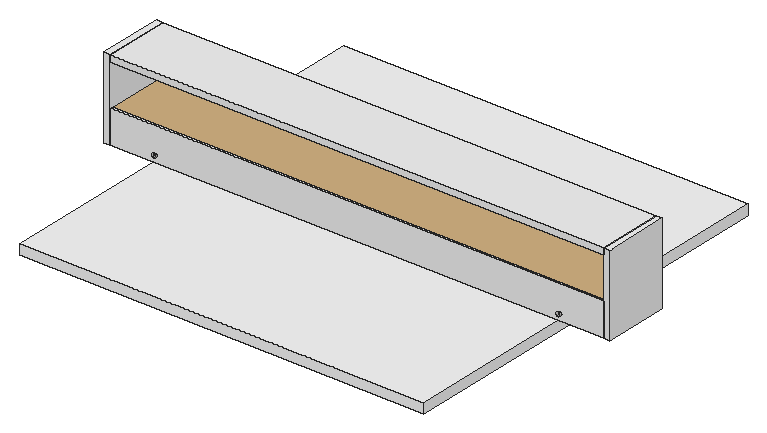
Revit family "BE_50819.4_de_DE", category Leuchten, Revit 2020
Family settings
  Basisbauteil = Fläche
  Bemaßung runder Anschluss = Durchmesser verwenden
  Teiletyp = Normal
  Beim Laden mit Abzugskörper schneiden = Ja
  Lichtquelle = Ja
  Gemeinsam genutzt = Nein
  Raumberechnungspunkt = Ja
Parameters (values of type "BEGA_50819.4_K3")
  built-in parameter 1150104 = 11.65 (stored number, unit not read)
  Wattage = 25.2 W
  Default Elevation = 0 mm
  built-in parameter 1150113 = 1 (stored number, unit not read)
  built-in parameter 1114218 = 1 (stored number, unit not read)
  Umgebungstemperatur = "25 °C"
  URL = "https://www.bega.com/de/produkt/50819.4"
  Typenkommentare = "© 2023 BEGA. Wir behalten uns das Recht vor, technische Änderungen ohne vorherige Ankündigung vorzunehmen."  # constant formula
  built-in parameter 1150134 = (empty or 0)
  built-in parameter 1150109 = 1 (stored number, unit not read)
  built-in parameter 1150110 = 1 (stored number, unit not read)
  Spannung = 239.996 V
  Sonderanfertigung = no
  Seriennummer [instance] = "Hier können Sie die eindeutige Seriennummer für das Facility Management eintragen."
  Schutzklasse = "I"
  Schutzart = "IP 20"
  Scheinlast = 0 VA
  Produktdatenblatt = "https://cdn.bega.com/bega/products/50819.4K3/current/documents/data-sheets/de"
  Neigungswinkel = 0.00°
  Modell = "50819.4K3"
  Material_34 = BEGA_Oberfläche_Samtweiss_matt
  Material_31 = BEGA_Oberfläche_Messing_matt
  Material_15 = BEGA_Leuchtmedium_matt
  Material_13 = BEGA_Kunststoff_matt
  Material_06 = BEGA_Oberfläche_Edelstahl_gebürstet
  Material_05 = BEGA_Oberfläche_Aluminium_Guss
  Material_04 = BEGA_Kunststoff_Grafit_matt
  M_W = no
  M_G = no
  M_A = no
  Logo = 0
  built-in parameter 1114217 = 1 (stored number, unit not read)
  built-in parameter 1150139 = (empty or 0)
  built-in parameter 1150105 = 251.47 (stored number, unit not read)
  built-in parameter 1150114 = 1 (stored number, unit not read)
  Lumens = 3160.08 lm
  built-in parameter 1150115 = 1 (stored number, unit not read)
  Leuchtenlichtstrom = "1237 lm"
  Lebensdauerkriterien = "L70B50 @ 25 °C = 200000 h"
  Lastklassifizierung = Beleuchtung
  built-in parameter 1150112 = 1 (stored number, unit not read)
  Lampenlichtstrom = "3160 lm"
  Lampe = "LED 25.2 W"
  LED_Modulbezeichnung = "2x LED-0696/930"
  Hersteller = "BEGA"  # constant formula
  Gewicht = "1.45 kg"
  Frequenz = "0/50-60 Hz"
  Farbwiedergabeindex = "CRI > 90"
  Farbtemperaturverschiebung bei Dämpfen der Lampe = <Keine Auswahl>
  Farbtemperatur = "3000 K"
  Color Filter = 16777215
  built-in parameter 1150133 = 10 (stored number, unit not read)
  Energieeffizienzklasse = "LED A++ - A"
  built-in parameter 1150137 = (empty or 0)
  built-in parameter 1150132 = (empty or 0)
  ENEC = "ja"
  Dimmbar [instance] = "on/off"
  Datei für fotometrisches Netz = "BE_50819-4K3.ies"
  CE_Konformität = "ja"
  Bestellnummer = "50819.4K3"
  Beschreibung_Sonderanfertigung = "Hier können Sie Informationen zur Sonderanfertigung eintragen."
  Beschreibung = "Wandleuchte"
  built-in parameter 1150106 = 2.5147 (stored number, unit not read)
  Befestigungsbohrung = "Ø 4,5 mm"
  Befestigungsabstand = "410 mm"
  BEGA_Intern_aus = yes
  BEGA_Intern_an = yes
  BEGA_Intern_Konstruktion = yes
  BEGA_Intern = yes
  BEGA_IES = yes
  BEGA_Dummy = no
  Anschlussleistung [instance] = "29 W"
  built-in parameter 1150107 = 3000 (stored number, unit not read)
  built-in parameter 1150102 = (empty or 0)
  built-in parameter 1150138 = (empty or 0)
  Aktualisierung = "2023-06-06T04:00:04"
  AC/DC = "AC/DC"
Reference planes
  plane 1 "Mitte (Vorne/Hinten)": y = 0
  plane 2: z = 0
  plane 3 "Mitte (Links/Rechts)": x = 0
  plane 4 "Links": x = -249
  plane 5 "Rechts": x = 251
  plane 6 "Unten": y = -35.672
  plane 7 "Oben": y = 30.329
  plane 8 "Vorne": z = 80
  plane 9 "Hinten": z = 0
Forms (mm)
  Extrusion 1, solid, material "BEGA_Platte_Weiss"
    sketch origin (0, -1119.2, 0) x (1, 0, 0) y (0, 1, 0)
      loop
        line (-200, 1319.2) -> (-200, 919.2) -> (200, 919.2) -> (200, 1319.2) -> (-200, 1319.2)
    from 0 to -10
  Extrusion 2, solid, material "BEGA_Dummy_matt", visible <- "BEGA_Dummy"
    sketch origin (80.095, -76.023, 0) x (1, 0, 0) y (0, 1, 0)
      loop
        line (-329.095, 106.352) -> (-329.095, 40.351) -> (170.905, 40.351) -> (170.905, 106.352) -> (-329.095, 106.352)
    from 0 to 80
Dimensions and locks
  plane 1 "Mitte (Vorne/Hinten)" to Extrusion 1 = 200 mm
  aligned and locked: plane 2 to Extrusion 1
  aligned and locked: level to Extrusion 1
Nested families
  nested 1: "BE_50819.4_Leuchte" at (0, 0, 0), type "BE_50819.4_Leuchte"
Connectors
  electrical at (0, 0, 0), driven by "Lastklassifizierung", driven by "Spannung", driven by "Scheinlast"
    settings: index 1, voltage 239.996 V, apparent load 0 VA, apparent load phase1 0 VA, apparent load phase2 0 VA, apparent load phase3 0 VA, power factor 1, load classification "Beleuchtung", number of poles 1, system type 31, power factor state 1, is connector primary yes, connector utility no, sub classification motor no, connector description ""
Definition of nested family "BE_50819.4_Leuchte"
  Parameters (values of type "BE_50819.4_Leuchte")
    Default Elevation = 1 mm
    URL = "http://www.bega.de/de/produkt"
    Type Comments = "© 2015 BEGA. Wir behalten uns das Recht vor, technische Änderungen ohne vorherige Ankündigung vorzunehmen. "  # constant formula
    Type Image = (empty or 0)
    Material_34 = none
    Material_31 = none
    Material_15 = none
    Material_13 = none
    Material_06 = none
    Material_05 = none
    Material_04 = none
    Länge_Platte = 550 mm  # constant formula
    Höhe_Platte = -10 mm  # constant formula
    Manufacturer = "BEGA"  # constant formula
    Breite_Platte = 200 mm  # constant formula
  Reference planes
    plane 1 "Mitte (Oben/Unten)": y = 0
    plane 2: z = 0
    plane 3 "Mitte (Links/Rechts)": x = 0
    plane 4: z = 80
    plane 5: y = -35.672
    plane 6: y = 30.328
    plane 7: x = 251
    plane 8: x = -249
  Forms (mm)
    Extrusion 1, solid, detail levels medium
      sketch origin (0, 0, 0) x (1, 0, 0) y (0, 1, 0)
        loop
          line (-275, 100) -> (-275, -100) -> (275, -100) -> (275, 100) -> (-275, 100)
      from 0 to -10 <- "Höhe_Platte"
    Extrusion 2, solid, material <- "Material_05"
      sketch origin (0, 0, 0) x (0, 1, 0) y (0, 0, 1)
        loop
          line (25, 10.5) -> (20, 5.5) -> (-20, 5.5) -> (-25, 10.5) -> (-26.414, 9.086) -> (-21.707, 4.379)
          arc (-21.707, 4.379) -> (-20.734, 3.728) -> (-19.586, 3.5) r 3
          line (-19.586, 3.5) -> (19.586, 3.5)
          arc (19.586, 3.5) -> (20.729, 3.726) -> (21.7, 4.371) r 3
          line (21.7, 4.371) -> (26.414, 9.086) -> (25, 10.5)
      from -235 to 235
    Revolve 3, solid, material <- "Material_05"
      sketch origin (-205, 0, 0) x (0, 1, 0) y (0, 0, 1)
        loop
          line (12, 3.5) -> (12, 0) -> (14, 0)
          arc (14, 0) -> (15.048, 0.296) -> (15.785, 1.097) r 2
          line (15.785, 1.097) -> (17, 3.5) -> (12, 3.5)
        axis (12, 0) -> (12, 3.5)
      angle from 0 to 360
    Revolve 4, solid, material <- "Material_05"
      sketch origin (205, 0, 0) x (0, 1, 0) y (0, 0, 1)
        loop
          line (12, 3.5) -> (12, 0) -> (14, 0)
          arc (14, 0) -> (15.048, 0.296) -> (15.785, 1.097) r 2
          line (15.785, 1.097) -> (17, 3.5) -> (12, 3.5)
        axis (12, 0) -> (12, 3.5)
      angle from 0 to 360
    Revolve 5, solid, material <- "Material_05"
      sketch origin (-205, -24, 0) x (0, 1, 0) y (0, 0, 1)
        loop
          line (12, 3.5) -> (12, 0) -> (14, 0)
          arc (14, 0) -> (15.048, 0.296) -> (15.785, 1.097) r 2
          line (15.785, 1.097) -> (17, 3.5) -> (12, 3.5)
        axis (12, 0) -> (12, 3.5)
      angle from 0 to 360
    Revolve 6, solid, material <- "Material_05"
      sketch origin (205, -24, 0) x (0, 1, 0) y (0, 0, 1)
        loop
          line (12, 3.5) -> (12, 0) -> (14, 0)
          arc (14, 0) -> (15.048, 0.296) -> (15.785, 1.097) r 2
          line (15.785, 1.097) -> (17, 3.5) -> (12, 3.5)
        axis (12, 0) -> (12, 3.5)
      angle from 0 to 360
    Extrusion 7, void
      sketch origin (0, 0, 0) x (1, 0, 0) y (0, 1, 0)
        loop
          arc (100, 15) -> (85, 0) -> (100, -15) r 15
          line (100, -15) -> (140, -15)
          arc (140, -15) -> (155, 0) -> (140, 15) r 15
          line (140, 15) -> (100, 15)
        loop
          arc (-202.75, 2.75) -> (-205, 5) -> (-207.25, 2.75) r 2.25
          line (-207.25, 2.75) -> (-207.25, -2.75)
          arc (-207.25, -2.75) -> (-205, -5) -> (-202.75, -2.75) r 2.25
          line (-202.75, -2.75) -> (-202.75, 2.75)
        loop
          line (207.75, 2.25) -> (202.25, 2.25)
          arc (202.25, 2.25) -> (200, 0) -> (202.25, -2.25) r 2.25
          line (202.25, -2.25) -> (207.75, -2.25)
          arc (207.75, -2.25) -> (210, 0) -> (207.75, 2.25) r 2.25
      from 3.5 to 5.5
    Extrusion 8, solid, material <- "Material_34"
      sketch origin (0, 0, 0) x (0, 1, 0) y (0, 0, 1)
        loop
          line (30.328, 33) -> (28.328, 33) -> (28.328, 31) -> (-32.672, 31) -> (-32.672, 33) -> (-34.672, 33) -> (-34.572, 0) -> (-31.672, 0) -> (-31.672, 2)
          arc (-31.672, 2) -> (-31.525, 2.354) -> (-31.172, 2.5) r 0.5
          arc (-31.172, 2.5) -> (-30.818, 2.646) -> (-30.672, 3) r 0.5
          line (-30.672, 3) -> (-30.672, 10)
          arc (-30.672, 10) -> (-30.818, 10.354) -> (-31.172, 10.5) r 0.5
          arc (-31.172, 10.5) -> (-31.525, 10.646) -> (-31.672, 11) r 0.5
          line (-31.672, 11) -> (-31.672, 29) -> (27.328, 29) -> (27.328, 10) -> (24.328, 7) -> (24.328, 5.5)
          arc (24.328, 5.5) -> (24.475, 5.146) -> (24.828, 5) r 0.5
          line (24.828, 5) -> (26.828, 5)
          arc (26.828, 5) -> (27.182, 4.854) -> (27.328, 4.5) r 0.5
          line (27.328, 4.5) -> (27.328, 0) -> (30.328, 0) -> (30.328, 33)
        loop
          line (30.328, 74) -> (30.328, 80) -> (-34.672, 80) -> (-34.672, 74) -> (-33.172, 74) -> (-33.172, 76) -> (28.828, 76) -> (28.828, 74) -> (30.328, 74)
      from -243 to 245
    Extrusion 9, solid, material <- "Material_04"
      sketch origin (0, 0, 0) x (0, 1, 0) y (0, 0, 1)
        loop
          line (1.328, 76) -> (-17.672, 76) -> (-17.672, 74.2) -> (1.328, 74.2) -> (1.328, 76)
      from -224 to 226.3
    Extrusion 10, solid, material <- "Material_13"
      sketch origin (0, 0, 0) x (0, 1, 0) y (0, 0, 1)
        loop
          line (-27.778, 76) -> (-29.308, 76)
          arc (-29.308, 76) -> (-2.172, 65.676) -> (24.964, 76) r 40.824
          line (24.964, 76) -> (23.435, 76)
          arc (23.435, 76) -> (-2.172, 66.676) -> (-27.778, 76) r 39.824
      from -243 to 245
    Extrusion 11, solid, material <- "Material_34"
      sketch origin (0, 0, 0) x (0, 1, 0) y (0, 0, 1)
        loop
          line (30.328, 80) -> (-34.672, 80) -> (-34.672, 0) -> (30.328, 0) -> (30.328, 80)
      from 245 to 251
    Extrusion 12, solid, material <- "Material_34"
      sketch origin (0, 0, 0) x (0, 1, 0) y (0, 0, -1)
        loop
          line (30.328, -80) -> (30.328, 0) -> (-34.672, 0) -> (-34.672, -80) -> (30.328, -80)
      from 243 to 249
    Extrusion 13, solid, material <- "Material_15"
      sketch origin (0, 0, 0) x (1, 0, 0) y (0, 1, 0)
        loop
          line (-221, -0.672) -> (-221, -3.672) -> (-218, -3.672) -> (-218, -0.672) -> (-221, -0.672)
        loop
          line (-211.609, -3.672) -> (-208.609, -3.672) -> (-208.609, -0.672) -> (-211.609, -0.672) -> (-211.609, -3.672)
        loop
          line (-202.217, -3.672) -> (-199.217, -3.672) -> (-199.217, -0.672) -> (-202.217, -0.672) -> (-202.217, -3.672)
        loop
          line (-192.826, -3.672) -> (-189.826, -3.672) -> (-189.826, -0.672) -> (-192.826, -0.672) -> (-192.826, -3.672)
        loop
          line (-183.435, -0.672) -> (-183.435, -3.672) -> (-180.435, -3.672) -> (-180.435, -0.672) -> (-183.435, -0.672)
        loop
          line (-174.043, -3.672) -> (-171.043, -3.672) -> (-171.043, -0.672) -> (-174.043, -0.672) -> (-174.043, -3.672)
        loop
          line (-164.652, -3.672) -> (-161.652, -3.672) -> (-161.652, -0.672) -> (-164.652, -0.672) -> (-164.652, -3.672)
        loop
          line (-155.261, -3.672) -> (-152.261, -3.672) -> (-152.261, -0.672) -> (-155.261, -0.672) -> (-155.261, -3.672)
        loop
          line (-145.87, -3.672) -> (-142.87, -3.672) -> (-142.87, -0.672) -> (-145.87, -0.672) -> (-145.87, -3.672)
        loop
          line (-136.478, -3.672) -> (-133.478, -3.672) -> (-133.478, -0.672) -> (-136.478, -0.672) -> (-136.478, -3.672)
        loop
          line (-127.087, -3.672) -> (-124.087, -3.672) -> (-124.087, -0.672) -> (-127.087, -0.672) -> (-127.087, -3.672)
        loop
          line (-117.696, -3.672) -> (-114.696, -3.672) -> (-114.696, -0.672) -> (-117.696, -0.672) -> (-117.696, -3.672)
        loop
          line (-108.304, -3.672) -> (-105.304, -3.672) -> (-105.304, -0.672) -> (-108.304, -0.672) -> (-108.304, -3.672)
        loop
          line (-98.913, -3.672) -> (-95.913, -3.672) -> (-95.913, -0.672) -> (-98.913, -0.672) -> (-98.913, -3.672)
        loop
          line (-89.522, -3.672) -> (-86.522, -3.672) -> (-86.522, -0.672) -> (-89.522, -0.672) -> (-89.522, -3.672)
        loop
          line (-80.13, -3.672) -> (-77.13, -3.672) -> (-77.13, -0.672) -> (-80.13, -0.672) -> (-80.13, -3.672)
        loop
          line (-70.739, -3.672) -> (-67.739, -3.672) -> (-67.739, -0.672) -> (-70.739, -0.672) -> (-70.739, -3.672)
        loop
          line (-61.348, -3.672) -> (-58.348, -3.672) -> (-58.348, -0.672) -> (-61.348, -0.672) -> (-61.348, -3.672)
        loop
          line (-51.957, -3.672) -> (-48.957, -3.672) -> (-48.957, -0.672) -> (-51.957, -0.672) -> (-51.957, -3.672)
        loop
          line (-42.565, -3.672) -> (-39.565, -3.672) -> (-39.565, -0.672) -> (-42.565, -0.672) -> (-42.565, -3.672)
        loop
          line (-33.174, -3.672) -> (-30.174, -3.672) -> (-30.174, -0.672) -> (-33.174, -0.672) -> (-33.174, -3.672)
        loop
          line (-23.783, -3.672) -> (-20.783, -3.672) -> (-20.783, -0.672) -> (-23.783, -0.672) -> (-23.783, -3.672)
        loop
          line (-14.391, -3.672) -> (-11.391, -3.672) -> (-11.391, -0.672) -> (-14.391, -0.672) -> (-14.391, -3.672)
        loop
          line (-5, -3.672) -> (-2, -3.672) -> (-2, -0.672) -> (-5, -0.672) -> (-5, -3.672)
        loop
          line (4.3, -3.672) -> (7.3, -3.672) -> (7.3, -0.672) -> (4.3, -0.672) -> (4.3, -3.672)
        loop
          line (13.691, -3.672) -> (16.691, -3.672) -> (16.691, -0.672) -> (13.691, -0.672) -> (13.691, -3.672)
        loop
          line (23.083, -3.672) -> (26.083, -3.672) -> (26.083, -0.672) -> (23.083, -0.672) -> (23.083, -3.672)
        loop
          line (32.474, -3.672) -> (35.474, -3.672) -> (35.474, -0.672) -> (32.474, -0.672) -> (32.474, -3.672)
        loop
          line (41.865, -3.672) -> (44.865, -3.672) -> (44.865, -0.672) -> (41.865, -0.672) -> (41.865, -3.672)
        loop
          line (51.257, -3.672) -> (54.257, -3.672) -> (54.257, -0.672) -> (51.257, -0.672) -> (51.257, -3.672)
        loop
          line (60.648, -3.672) -> (63.648, -3.672) -> (63.648, -0.672) -> (60.648, -0.672) -> (60.648, -3.672)
        loop
          line (70.039, -3.672) -> (73.039, -3.672) -> (73.039, -0.672) -> (70.039, -0.672) -> (70.039, -3.672)
        loop
          line (79.43, -3.672) -> (82.43, -3.672) -> (82.43, -0.672) -> (79.43, -0.672) -> (79.43, -3.672)
        loop
          line (88.822, -3.672) -> (91.822, -3.672) -> (91.822, -0.672) -> (88.822, -0.672) -> (88.822, -3.672)
        loop
          line (98.213, -3.672) -> (101.213, -3.672) -> (101.213, -0.672) -> (98.213, -0.672) -> (98.213, -3.672)
        loop
          line (107.604, -3.672) -> (110.604, -3.672) -> (110.604, -0.672) -> (107.604, -0.672) -> (107.604, -3.672)
        loop
          line (116.996, -3.672) -> (119.996, -3.672) -> (119.996, -0.672) -> (116.996, -0.672) -> (116.996, -3.672)
        loop
          line (126.387, -3.672) -> (129.387, -3.672) -> (129.387, -0.672) -> (126.387, -0.672) -> (126.387, -3.672)
        loop
          line (135.778, -3.672) -> (138.778, -3.672) -> (138.778, -0.672) -> (135.778, -0.672) -> (135.778, -3.672)
        loop
          line (145.17, -3.672) -> (148.17, -3.672) -> (148.17, -0.672) -> (145.17, -0.672) -> (145.17, -3.672)
        loop
          line (154.561, -3.672) -> (157.561, -3.672) -> (157.561, -0.672) -> (154.561, -0.672) -> (154.561, -3.672)
        loop
          line (163.952, -3.672) -> (166.952, -3.672) -> (166.952, -0.672) -> (163.952, -0.672) -> (163.952, -3.672)
        loop
          line (173.343, -3.672) -> (176.343, -3.672) -> (176.343, -0.672) -> (173.343, -0.672) -> (173.343, -3.672)
        loop
          line (182.735, -3.672) -> (185.735, -3.672) -> (185.735, -0.672) -> (182.735, -0.672) -> (182.735, -3.672)
        loop
          line (192.126, -3.672) -> (195.126, -3.672) -> (195.126, -0.672) -> (192.126, -0.672) -> (192.126, -3.672)
        loop
          line (201.517, -3.672) -> (204.517, -3.672) -> (204.517, -0.672) -> (201.517, -0.672) -> (201.517, -3.672)
        loop
          line (210.909, -3.672) -> (213.909, -3.672) -> (213.909, -0.672) -> (210.909, -0.672) -> (210.909, -3.672)
        loop
          line (220.3, -3.672) -> (223.3, -3.672) -> (223.3, -0.672) -> (220.3, -0.672) -> (220.3, -3.672)
      from 73.68 to 74.558
    Revolve 14, solid, material <- "Material_06"
      sketch origin (-199, 0, 0) x (0, 1, 0) y (0, 0, 1)
        loop
          line (-24.728, 6.5) -> (-25.957, 8.629) -> (-26.672, 9.236) -> (-26.672, 8.35) -> (-27.546, 8.35) -> (-28.672, 9) -> (-32.288, 9) -> (-33.002, 8.5) -> (-35.672, 8.5) -> (-35.672, 6.5) -> (-24.728, 6.5)
        axis (-24.728, 6.5) -> (-35.672, 6.5)
      angle from 0 to 360
    Revolve 15, solid, material <- "Material_06"
      sketch origin (201, 0, 0) x (0, 1, 0) y (0, 0, 1)
        loop
          line (-24.728, 6.5) -> (-25.957, 8.629) -> (-26.672, 9.236) -> (-26.672, 8.35) -> (-27.546, 8.35) -> (-28.672, 9) -> (-32.288, 9) -> (-33.002, 8.5) -> (-35.672, 8.5) -> (-35.672, 6.5) -> (-24.728, 6.5)
        axis (-24.728, 6.5) -> (-35.672, 6.5)
      angle from 0 to 360
    Extrusion 16, solid, material <- "Material_31"
      sketch origin (0, 0, 0) x (0, 1, 0) y (0, 0, 1)
        loop
          line (27.973, 31) -> (27.973, 32.46) -> (-32.191, 32.46) -> (-32.191, 31) -> (27.973, 31)
      from -243 to 245
  Cuts and joins
    Extrusion 7 cuts Extrusion 2
    Extrusion 7 cuts Revolve 3
    Extrusion 7 cuts Revolve 4
    Extrusion 7 cuts Revolve 5
    Extrusion 7 cuts Revolve 6
    joined: Extrusion 2, Revolve 3, Revolve 4, Revolve 5, Revolve 6
    joined: Extrusion 11, Extrusion 12
    joined: Revolve 14, Revolve 15
  Dimensions and locks
    equal spacing: Extrusion 1 sketch curve, plane 3 "Mitte (Links/Rechts)", Extrusion 1 sketch curve
    equal spacing: Extrusion 1 sketch curve, plane 1 "Mitte (Oben/Unten)", Extrusion 1 sketch curve
    "Länge_Platte": Extrusion 1 sketch curve to Extrusion 1 sketch curve
    "Breite_Platte": Extrusion 1 sketch curve to Extrusion 1 sketch curve
    plane 1 "Mitte (Oben/Unten)" to Extrusion 1 = 100 mm  (x3)
    aligned and locked: Extrusion 1 to plane 2
    aligned and locked: Extrusion 1 to level
  Automatic sketch dimensions
    level to Extrusion 2 sketch curve = 9.086 mm  (x2)
    plane 1 "Mitte (Oben/Unten)" to Extrusion 2 sketch curve = 26.414 mm
    level to Extrusion 2 sketch curve = 10.5 mm  (x2)
    Extrusion 2 sketch curve to Extrusion 2 sketch curve = 1.414 mm  (x2)
    level to Extrusion 2 sketch curve = 5.5 mm
    Extrusion 2 sketch curve to Extrusion 2 sketch curve = 5 mm
    Extrusion 2 sketch curve to Extrusion 2 sketch curve = 0.414 mm  (x2)
    level to Extrusion 2 sketch curve = 3.5 mm
    Extrusion 2 sketch curve to plane 1 "Mitte (Oben/Unten)" = 19.586 mm
    level to Extrusion 2 sketch curve = 4.371 mm
    Extrusion 2 sketch curve to Extrusion 2 sketch curve = 1.699 mm
    Extrusion 2 sketch curve to Extrusion 2 sketch curve = 5.414 mm
    Extrusion 2 sketch curve to Extrusion 2 sketch curve = 1 mm
    level to Extrusion 2 sketch curve = 4.379 mm
    Extrusion 2 sketch curve to Extrusion 2 sketch curve = 1.707 mm
    Extrusion 2 sketch curve to Extrusion 2 sketch curve = 0 mm
    Revolve 3 sketch curve to level = 0 mm
    level to Revolve 3 sketch curve = 3.5 mm
    Revolve 3 sketch curve to plane 1 "Mitte (Oben/Unten)" = 12 mm
    Revolve 3 sketch curve to Revolve 3 sketch curve = 2 mm  (x4)
    Revolve 3 sketch curve to Revolve 3 sketch curve = 3 mm
    Revolve 3 sketch curve to Revolve 3 sketch curve = 0 mm  (x2)
    level to Revolve 3 sketch curve = 1.097 mm  (x2)
    Revolve 4 sketch curve to level = 0 mm
    level to Revolve 4 sketch curve = 3.5 mm
    Revolve 4 sketch curve to plane 1 "Mitte (Oben/Unten)" = 12 mm
    Revolve 4 sketch curve to Revolve 4 sketch curve = 2 mm  (x4)
    Revolve 4 sketch curve to Revolve 4 sketch curve = 3 mm
    Revolve 4 sketch curve to Revolve 4 sketch curve = 0 mm  (x2)
    level to Revolve 4 sketch curve = 1.097 mm  (x2)
    Revolve 5 sketch curve to level = 0 mm
    level to Revolve 5 sketch curve = 3.5 mm
    plane 1 "Mitte (Oben/Unten)" to Revolve 5 sketch curve = 12 mm
    Revolve 5 sketch curve to Revolve 5 sketch curve = 2 mm  (x3)
    Revolve 5 sketch curve to Revolve 5 sketch curve = 3 mm
    Revolve 5 sketch curve to Revolve 5 sketch curve = 0 mm  (x2)
    level to Revolve 5 sketch curve = 1.097 mm  (x2)
    Revolve 5 sketch curve to level = 2 mm
    Revolve 6 sketch curve to level = 0 mm
    level to Revolve 6 sketch curve = 3.5 mm
    plane 1 "Mitte (Oben/Unten)" to Revolve 6 sketch curve = 12 mm
    Revolve 6 sketch curve to Revolve 6 sketch curve = 2 mm  (x3)
    Revolve 6 sketch curve to Revolve 6 sketch curve = 3 mm
    Revolve 6 sketch curve to Revolve 6 sketch curve = 0 mm  (x2)
    level to Revolve 6 sketch curve = 1.097 mm  (x2)
    Revolve 6 sketch curve to level = 2 mm
    plane 1 "Mitte (Oben/Unten)" to Extrusion 7 sketch curve = 0 mm  (x2)
    Extrusion 7 sketch curve to plane 1 "Mitte (Oben/Unten)" = 2.75 mm
    Extrusion 7 sketch curve to plane 3 "Mitte (Links/Rechts)" = 207.25 mm
    Extrusion 7 sketch curve to Extrusion 7 sketch curve = 2.25 mm
    Extrusion 7 sketch curve to plane 1 "Mitte (Oben/Unten)" = 15 mm
    plane 3 "Mitte (Links/Rechts)" to Extrusion 7 sketch curve = 100 mm
    Extrusion 7 sketch curve to Extrusion 7 sketch curve = 40 mm
    Extrusion 7 sketch curve to plane 1 "Mitte (Oben/Unten)" = 2.25 mm
    Extrusion 7 sketch curve to Extrusion 7 sketch curve = 62.25 mm
    Extrusion 7 sketch curve to Extrusion 7 sketch curve = 5.5 mm
    plane 1 "Mitte (Oben/Unten)" to Extrusion 7 sketch curve = 2.75 mm
    Extrusion 8 sketch curve to level = 0 mm  (x3)
    plane 1 "Mitte (Oben/Unten)" to Extrusion 8 sketch curve = 34.672 mm  (x2)
    Extrusion 8 sketch curve to Extrusion 8 sketch curve = 0 mm  (x13)
    Extrusion 8 sketch curve to Extrusion 8 sketch curve = 0.101 mm
    Extrusion 8 sketch curve to Extrusion 8 sketch curve = 1.5 mm  (x2)
    Extrusion 8 sketch curve to Extrusion 8 sketch curve = 2.001 mm
    Extrusion 8 sketch curve to Extrusion 8 sketch curve = 2.9 mm
    level to Extrusion 8 sketch curve = 2 mm
    Extrusion 8 sketch curve to Extrusion 8 sketch curve = 1 mm  (x2)
    Extrusion 8 sketch curve to Extrusion 8 sketch curve = 0.5 mm  (x11)
    level to Extrusion 8 sketch curve = 3 mm
    level to Extrusion 8 sketch curve = 10 mm  (x2)
    level to Extrusion 8 sketch curve = 5.5 mm
    Extrusion 8 sketch curve to plane 1 "Mitte (Oben/Unten)" = 24.328 mm
    level to Extrusion 8 sketch curve = 7 mm
    Extrusion 8 sketch curve to Extrusion 8 sketch curve = 2 mm  (x7)
    level to Extrusion 8 sketch curve = 4.5 mm
    Extrusion 8 sketch curve to Extrusion 8 sketch curve = 3 mm  (x2)
    Extrusion 8 sketch curve to plane 1 "Mitte (Oben/Unten)" = 28.828 mm
    Extrusion 8 sketch curve to Extrusion 8 sketch curve = 19 mm
    Extrusion 8 sketch curve to Extrusion 8 sketch curve = 18 mm
    Extrusion 8 sketch curve to Extrusion 8 sketch curve = 41 mm  (x2)
    Extrusion 8 sketch curve to Extrusion 8 sketch curve = 4 mm
    plane 1 "Mitte (Oben/Unten)" to Extrusion 9 sketch curve = 17.672 mm
    Extrusion 9 sketch curve to Extrusion 9 sketch curve = 0 mm
    Extrusion 9 sketch curve to plane 1 "Mitte (Oben/Unten)" = 1.328 mm
    level to Extrusion 9 sketch curve = 74.2 mm
    Extrusion 9 sketch curve to Extrusion 9 sketch curve = 1.8 mm
    Extrusion 10 sketch curve to Extrusion 10 sketch curve = 0 mm  (x3)
    plane 1 "Mitte (Oben/Unten)" to Extrusion 10 sketch curve = 29.308 mm
    Extrusion 10 sketch curve to Extrusion 10 sketch curve = 1.529 mm  (x2)
    plane 1 "Mitte (Oben/Unten)" to Extrusion 10 sketch curve = 2.172 mm
    Extrusion 10 sketch curve to plane 1 "Mitte (Oben/Unten)" = 23.435 mm
    level to Extrusion 10 sketch curve = 76 mm
    Extrusion 10 sketch curve to Extrusion 10 sketch curve = 30.5 mm
    Extrusion 11 sketch curve to level = 0 mm
    plane 1 "Mitte (Oben/Unten)" to Extrusion 11 sketch curve = 34.672 mm  (x2)
    Extrusion 11 sketch curve to plane 1 "Mitte (Oben/Unten)" = 30.328 mm
    level to Extrusion 11 sketch curve = 80 mm
    Extrusion 12 sketch curve to level = 0 mm
    plane 1 "Mitte (Oben/Unten)" to Extrusion 12 sketch curve = 34.672 mm  (x2)
    Extrusion 12 sketch curve to plane 1 "Mitte (Oben/Unten)" = 30.328 mm
    level to Extrusion 12 sketch curve = 80 mm
    plane 1 "Mitte (Oben/Unten)" to Extrusion 13 sketch curve = 0.672 mm  (x48)
    Extrusion 13 sketch curve to plane 3 "Mitte (Links/Rechts)" = 221 mm
    Extrusion 13 sketch curve to Extrusion 13 sketch curve = 3 mm  (x65)
    Extrusion 13 sketch curve to Extrusion 13 sketch curve = 6.391 mm  (x45)
    Extrusion 13 sketch curve to plane 3 "Mitte (Links/Rechts)" = 5 mm
    Extrusion 13 sketch curve to plane 3 "Mitte (Links/Rechts)" = 2 mm
    plane 3 "Mitte (Links/Rechts)" to Extrusion 13 sketch curve = 4.3 mm
    plane 1 "Mitte (Oben/Unten)" to Extrusion 13 sketch curve = 3.672 mm  (x30)
    level to Revolve 14 sketch curve = 8.5 mm  (x2)
    plane 1 "Mitte (Oben/Unten)" to Revolve 14 sketch curve = 35.672 mm
    Revolve 14 sketch curve to Revolve 14 sketch curve = 2.67 mm
    level to Revolve 14 sketch curve = 9 mm
    Revolve 14 sketch curve to Revolve 14 sketch curve = 0.714 mm  (x2)
    Revolve 14 sketch curve to Revolve 14 sketch curve = 3.616 mm
    Revolve 14 sketch curve to Revolve 14 sketch curve = 1.126 mm
    Revolve 14 sketch curve to Revolve 14 sketch curve = 0.874 mm
    level to Revolve 14 sketch curve = 8.629 mm
    level to Revolve 14 sketch curve = 6.5 mm
    Revolve 14 sketch curve to Revolve 14 sketch curve = 1.229 mm
    Revolve 14 sketch curve to Revolve 14 sketch curve = 0.279 mm
    Revolve 14 sketch curve to Revolve 14 sketch curve = 0 mm  (x3)
    Revolve 14 sketch curve to Revolve 14 sketch curve = 0.886 mm
    Revolve 14 sketch curve to Revolve 14 sketch curve = 0.832 mm
    level to Revolve 15 sketch curve = 8.5 mm  (x2)
    plane 1 "Mitte (Oben/Unten)" to Revolve 15 sketch curve = 35.672 mm
    Revolve 15 sketch curve to Revolve 15 sketch curve = 2.67 mm
    level to Revolve 15 sketch curve = 9 mm
    Revolve 15 sketch curve to Revolve 15 sketch curve = 0.714 mm  (x2)
    Revolve 15 sketch curve to Revolve 15 sketch curve = 3.616 mm
    Revolve 15 sketch curve to Revolve 15 sketch curve = 1.126 mm
    Revolve 15 sketch curve to Revolve 15 sketch curve = 0.874 mm
    level to Revolve 15 sketch curve = 8.629 mm
    level to Revolve 15 sketch curve = 6.5 mm
    Revolve 15 sketch curve to Revolve 15 sketch curve = 1.229 mm
    Revolve 15 sketch curve to Revolve 15 sketch curve = 0.279 mm
    Revolve 15 sketch curve to Revolve 15 sketch curve = 0 mm  (x3)
    Revolve 15 sketch curve to Revolve 15 sketch curve = 0.886 mm
    Revolve 15 sketch curve to Revolve 15 sketch curve = 0.832 mm
    plane 1 "Mitte (Oben/Unten)" to Extrusion 16 sketch curve = 32.191 mm
    Extrusion 16 sketch curve to plane 1 "Mitte (Oben/Unten)" = 27.973 mm
    level to Extrusion 16 sketch curve = 32.46 mm
    Extrusion 16 sketch curve to Extrusion 16 sketch curve = 1.46 mm
